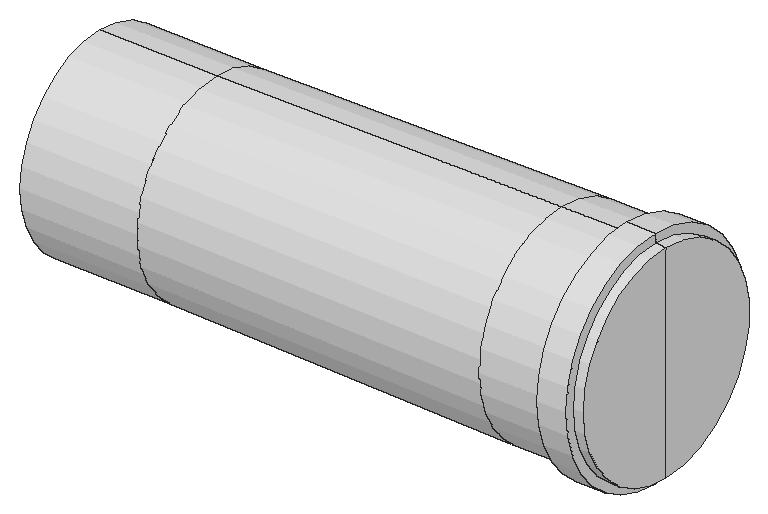
Revit family "EP-Система_Фитинг_НПВХ_Компенсационный патрубок", category Соединительные детали трубопроводов, Revit 2019
Family settings
  Размер круглого соединителя = Использовать диаметр
  Тип детали = Соединение
  На основе рабочей плоскости = Нет
  Всегда вертикально = Да
  При загрузке вырезать с полостями = Нет
  Общий = Нет
Parameters (values of type "S = 3 мм")
  Толщина Стенки 2 [instance] = size_lookup(Поиск в таблице имен, "e3", 1 mm, ADSK_Диаметр условный)  # 1.5 mm
  Толщина Стенки 1 [instance] = size_lookup(Поиск в таблице имен, "e2", 1 mm, ADSK_Диаметр условный)  # 2.4 mm
  Поиск в таблице имен = "EP-Система_Фитинг_НПВХ_Компенсационный патрубок"
  Материал = 05 Пластик ПВХ Белый
  Длина [instance] = 250 mm  # constant formula
  Диаметр Наружный Трубного Кольца [instance] = ADSK_Диаметр условный + 2 * Толщина Стенки 1 + 4 * Толщина Стенки 1  # 124.4 mm
  Диаметр Наружный [instance] = ADSK_Диаметр условный + 2 * Толщина Стенки 1  # 114.8 mm
  C [instance] = size_lookup(Поиск в таблице имен, "C", 1 mm, ADSK_Диаметр условный)  # 22 mm
  B [instance] = size_lookup(Поиск в таблице имен, "B", 1 mm, ADSK_Диаметр условный)  # 6 mm
  ADSK_Наименование краткое = "Компенсатор"
  ADSK_Наименование = "Патрубок компенсационный учетверенной длины, DN110"
  ADSK_Масса = 0
  ADSK_Марка = ""
  ADSK_Код изделия = "ЕР1125030032"
  ADSK_Завод-изготовитель = "Agpipe"  # constant formula
  ADSK_Единица измерения = "шт."
  ADSK_Диаметр условный [instance] = 110 mm  # constant formula
  A [instance] = 36 mm  # constant formula
Types (2): name
  S = 3 мм
  S = 3.2 мм
Reference planes
  plane 1 "По центру (Вперед/Назад)": y = 0
  plane 2: z = 0
  plane 3 "По центру (Влево/Вправо)": x = 0
  plane 4: x = 250
  plane 5: z = 57.4
  plane 6: z = -57.4
  plane 7: x = 228
  plane 8: x = 244
  plane 9: x = 192
  plane 10: z = 62.2
  plane 11: z = -62.2
  plane 12: z = 55
  plane 13: z = -55
  plane 14: x = -65
Forms (mm)
  Revolve 1, solid, material "05 Пластик ПВХ Белый" <- "Материал"
    sketch origin (0, 0, 0) x (1, 0, 0) y (0, 0, 1)
      loop
        line (250, 57.4) -> (244, 57.4) -> (244, 62.2) -> (228, 62.2) -> (228, 57.4) -> (192, 57.4) -> (0, 55) -> (-65, 55) -> (-65, 0) -> (250, 0) -> (250, 57.4)
      axis (-65, 0) -> (250, 0)
    angle from 0 to 360
Dimensions and locks
  "Длина": plane 4 to plane 3 "По центру (Влево/Вправо)"
  equal spacing: plane 5, level, plane 6
  "Диаметр Наружный": plane 5 to plane 6
  "C": plane 4 to plane 7
  "A": plane 7 to plane 9
  "B": plane 4 to plane 8
  equal spacing: plane 12, level, plane 13
  "ADSK_Диаметр условный": plane 12 to plane 13
  equal spacing: plane 10, level, plane 11
  "Диаметр Наружный Трубного Кольца": plane 10 to plane 11
  locked: plane 3 "По центру (Влево/Вправо)" to plane 14 at 65
  aligned and locked: level to plane 2
  aligned and locked: Revolve 1 sketch curve to plane 4
  aligned and locked: plane 10 to Revolve 1 sketch curve
  aligned and locked: plane 5 to Revolve 1 sketch curve  (x2)
  aligned and locked: Revolve 1 sketch curve to plane 8
  aligned and locked: Revolve 1 sketch curve to plane 7
  aligned and locked: plane 9 to Revolve 1 sketch curve
  aligned and locked: Revolve 1 sketch curve to plane 14
Automatic sketch dimensions
  Revolve 1 sketch curve to level = 0 mm
  Revolve 1 sketch curve to plane 12 = 0 mm
  Revolve 1 sketch curve to plane 3 "По центру (Влево/Вправо)" = 0 mm
  plane 14 to Revolve 1 sketch curve = 3.983 mm
  Revolve 1 sketch curve to Revolve 1 sketch curve = 78.983 mm
  level to Revolve 1 sketch curve = 0 mm
Connectors
  piping at (-65, 0, 0), diameter 110, driven by "ADSK_Диаметр условный"
    settings: on Revolve 1, index 1, connector inside diameter 609.6 mm, connector length 0 mm, flow factor 0, pipe flow 0.0 L/s, pressure drop 0.0 Pa, fitting loss kfactor 0, connector angle 0.00°, fixture units 0, engagement length 0 mm, angle of deflection 0.00°, flow configuration 0, flow direction 0, fitting loss method 0, system type 28, joint type 0, gender type 0, connector reference index -1, connector utility 0, adjustable connector no, is connector primary yes, connector description ""
  piping at (250, 0, 0), diameter 110, driven by "ADSK_Диаметр условный"
    settings: on Revolve 1, index 2, connector inside diameter 609.6 mm, connector length 0 mm, flow factor 0, pipe flow 0.0 L/s, pressure drop 0.0 Pa, fitting loss kfactor 0, connector angle 0.00°, fixture units 0, engagement length 0 mm, angle of deflection 0.00°, flow configuration 0, flow direction 0, fitting loss method 0, system type 28, joint type 0, gender type 0, connector reference index -1, connector utility 0, adjustable connector no, is connector primary no, connector description ""
